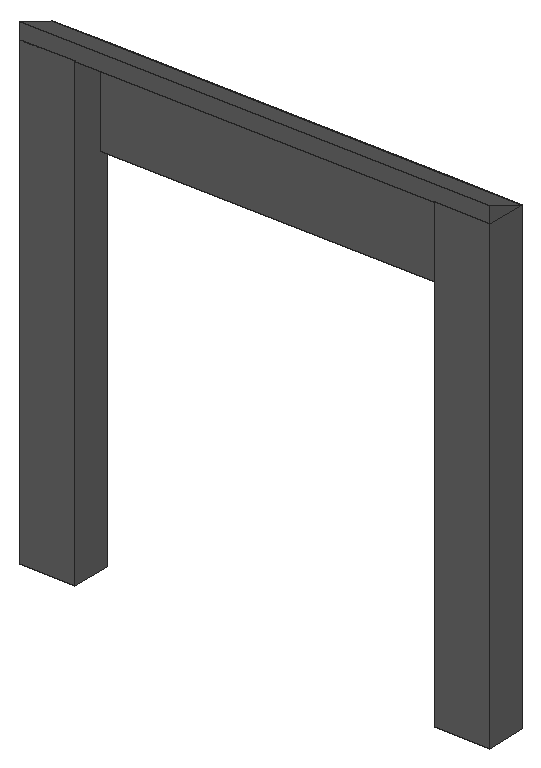
Revit family "IDS-HC Ironside (ADS-HC Armorguard)", category Generic Models, host Wall, Revit 2015
Parameters (values of type "8.5'x10' Door")
  Width = 10' - 0"
  URL = "https://www.entrematic.us/en/ent/entrematicus/"
  SidePadHeight = 10' - 0"
  Projection = 0' - 10"
  Opening = 7' - 8"
  Model = "IDS-HC Ironside/ADS-HC Armorguard"
  Manufacturer = "Entrematic"
  DropCurtain = 2' - 0"
  Description = "Foam Dock Seal"
Types (7): name | Width | SidePadHeight | Opening
  (no name) | 10' - 0" | 10' - 0" | 7' - 8"
  8'x10' Door | 9' - 6" | 10' - 0" | 7' - 6"
  8.5'x10' Door | 10' - 0" | 10' - 0" | 7' - 8"
  9'x10' Door | 10' - 7" | 10' - 0" | 7' - 10"
  8'x12' Door | 9' - 6" | 12' - 0" | 7' - 6"
  8.5'x12' Door | 10' - 0" | 12' - 0" | 7' - 8"
  9'x12' Door | 10' - 7" | 12' - 0" | 7' - 10"
Reference planes (in)
  plane 1: y = 0
  plane 2 "Center (Left/Right)": x = 0
  plane 3 "Wall Edge": y = 3
  plane 4: x = -46
  plane 5: x = -60
  plane 6: x = 46
  plane 7: x = 60
  plane 8: z = 124
  plane 9: z = 120
  plane 10: y = 13
  plane 11: y = 3
  plane 12: y = 13.03125
  plane 13: x = 50
  plane 14: x = 53
  plane 15: x = -50
  plane 16: x = -53
  plane 17: y = 11
  plane 18: z = 96
Forms (in)
  Extrusion 1, solid, material "Skin"
    sketch origin (0, 3, 0) x (1, 0, 0) y (0, 0, 1)
      loop
        line (60, 120) -> (46, 120) -> (46, 0) -> (60, 0) -> (60, 120)
      loop
        line (-46, 120) -> (-60, 120) -> (-60, 0) -> (-46, 0) -> (-46, 120)
    from 0 to -10
  Extrusion 2, solid, material "Guide Stripe"
    sketch origin (0, 3, 0) x (1, 0, 0) y (0, 0, 1)
      loop
        line (53, 0) -> (53, 96) -> (50, 96) -> (50, 0) -> (53, 0)
      loop
        line (-53, 0) -> (-50, 0) -> (-50, 96) -> (-53, 96) -> (-53, 0)
    from -10.03125 to -10
  Extrusion 3, solid, material "Skin"
    sketch origin (0, 0, 24) x (0, 1, 0) y (0, 0, 1)
      loop
        line (3, 100) -> (3, 96) -> (13, 96) -> (3, 100)
    from -60 to 60
  Extrusion 4, solid, material "Skin"
    sketch origin (0, 0, 0) x (0, 1, 0) y (0, 0, 1)
      loop
        line (11, 120) -> (11, 96) -> (13, 96) -> (13, 120) -> (11, 120)
    from -46 to 46
Text (in)
  text "Placement Side" at (0, 40.15149, 123.01588), in view "Right"
  text "Placement Side" at (-70.3804, 28.46503, 0), in view "Ref. Level"
  text "Placement Side" at (0, 81.62555, 140.59947), in view "Left"
Dimensions and locks (in)
  locked: plane 3 "Wall Edge" to host wall
  equal spacing: plane 6, plane 2 "Center (Left/Right)", plane 4
  "Opening": plane 6 to plane 4
  equal spacing: plane 7, plane 2 "Center (Left/Right)", plane 5
  "Width": plane 7 to plane 5
  "SidePadHeight": level to plane 9
  "Projection": plane 10 to plane 11
  plane 12 to plane 10 = 0' - 0 1/32"
  plane 14 to plane 13 to plane 6 = 0' - 3" locked, 0' - 4" locked
  plane 16 to plane 15 to plane 4 = 0' - 3" locked, 0' - 4" locked
  locked: plane 9 to plane 8 at 4
  locked: plane 17 to plane 10 at 2
  "DropCurtain": plane 18 to plane 9
  "Projection": Extrusion 3 sketch curve to Extrusion 3 sketch curve
  aligned and locked: plane 11 to host wall
  aligned and locked: Extrusion 1 sketch curve to level
  aligned and locked: Extrusion 1 sketch curve to plane 6
  aligned and locked: Extrusion 1 sketch curve to plane 4
  aligned and locked: Extrusion 1 sketch curve to plane 5
  aligned and locked: Extrusion 1 sketch curve to plane 9
  aligned and locked: level to Extrusion 1 sketch curve
  aligned and locked: Extrusion 1 to plane 11
  aligned and locked: plane 13 to Extrusion 2 sketch curve
  aligned and locked: Extrusion 2 sketch curve to plane 14
  aligned and locked: Extrusion 2 sketch curve to plane 16
  aligned and locked: Extrusion 2 sketch curve to plane 15
  aligned and locked: level to Extrusion 2 sketch curve
  aligned and locked: Extrusion 2 to plane 10
  aligned and locked: plane 12 to Extrusion 2
  aligned and locked: Extrusion 3 sketch curve to plane 9
  aligned and locked: Extrusion 3 sketch curve to plane 11
  aligned and locked: Extrusion 3 to plane 9
  aligned and locked: Extrusion 3 to plane 5
  aligned and locked: plane 7 to Extrusion 3
  aligned and locked: plane 17 to Extrusion 4 sketch curve
  aligned and locked: Extrusion 4 sketch curve to plane 9
  aligned and locked: plane 10 to Extrusion 1
  aligned and locked: plane 18 to Extrusion 2  (x2)
  aligned and locked: Extrusion 2 to level
  aligned and locked: Extrusion 4 sketch curve to plane 10
  aligned and locked: plane 7 to Extrusion 1
  aligned and locked: plane 9 to Extrusion 1
Automatic sketch dimensions
  plane 7 to Extrusion 1 sketch curve = 0' - 0"
  plane 9 to Extrusion 1 sketch curve = 0' - 0"
  Extrusion 2 sketch curve to plane 9 = 2' - 0"  (x2)
  Extrusion 4 sketch curve to plane 9 = 2' - 0"
  Extrusion 3 sketch curve to plane 8 = 0' - 0"
  Extrusion 2 sketch curve to level = 0' - 0"
